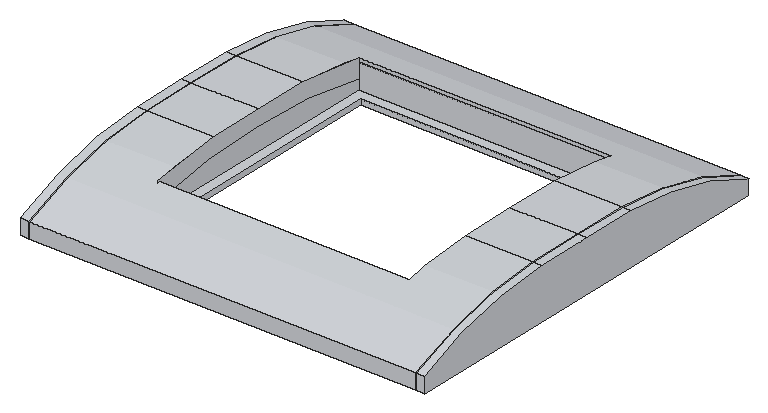
Revit family "Gira_100259", category Electrical Fixtures, host Face, Revit 2017
Family settings
  Host = Face
  Maintain Annotation Orientation = No
  Round Connector Dimension = Use Diameter
  Part Type = Normal
  Cut with Voids When Loaded = No
  Shared = No
  Room Calculation Point = No
Parameters (values of type "Abdeckrahmen 2f o.M. Zwischenr. F Alu Gira Event Opak Dklbraun")
  Werkstoffgüte = "Thermoplast"
  Werkstoff = "Kunststoff"
  URL = "http://katalog.gira.de/de_DE/datenblatt.html?artikelnr=100259"
  Transparent = "No"
  Textfeld/Beschriftungsfläche = "No"
  Schutzart (IP) = "IP20"
  Region = "DE"
  Oberfläche = "sonstige"
  Name = "Abdeckrahmen 2f o.M. Zwischenr. F Alu Gira Event Opak Dklbraun"
  Montagerichtung = "horizontal und vertikal"
  Mit Montagerahmen = "No"
  Mit Klappdeckel = "No"
  Manufacturer URL = "https://www.gira.de/"
  Keynote = "Event_Rahmen_2fach o.Mittelsteg"
  HeinzeBIM = "https://bimportal.heinze.de/bim/abdeckrahmen-2f-o-m-zwischenr-f-alu-gira-event-opak-dklbraun/44546d66b776be624a18f05c90eb4b2f47d771d8"
  Halogenfrei = "Yes"
  HAN = "100259"
  Geeignet für Unterputz-Installation = "Yes"
  Geeignet für Unterflurkanaldose = "No"
  Geeignet für Geräteeinbaukanal = "No"
  Geeignet für Einbauinstallation = "No"
  GTIN = "4010337003472"
  Farbe = "braun"
  Default Elevation = 1219.2 mm
  Data sheet (1) = "https://katalog.gira.de/de_DE/download.html?artikelnr=100259"
  Category = "Abdeckrahmen"
  Befestigungsart = "Klemmbefestigung"
  Available = "Yes"
  Anzahl der Einheiten vertikal = "2 "
  Anzahl der Einheiten horizontal = "2 "
  Anzahl der Einheiten = "2 "
Reference planes
  plane 1 "Center (Front/Back)": y = 0
  plane 2: z = 0
  plane 3 "Center (Left/Right)": x = 0
Forms (mm)
  Extrusion 1, solid, detail levels fine
    sketch origin (0, 0, 1.55) x (0, 1, 0) y (0, 0, 1)
      loop
        arc (12.445, 9.683) -> (6.223, 9.833) -> (0, 9.85) r 291.636
        arc (0, 9.85) -> (-6.223, 9.833) -> (-12.445, 9.683) r 291.636
        arc (-12.445, 9.683) -> (-29.14, 7.482) -> (-45, 1.823) r 79.728
        line (-45, 1.823) -> (-45, -1.55) -> (-41.777, -1.55) -> (-41.777, -0.55)
        arc (-41.777, -0.55) -> (-21.205, 4.846) -> (0, 6.467) r 118.15
        arc (0, 6.467) -> (21.205, 4.846) -> (41.777, -0.55) r 118.15
        line (41.777, -0.55) -> (41.777, -1.55) -> (45, -1.55) -> (45, 1.823)
        arc (45, 1.823) -> (29.14, 7.482) -> (12.445, 9.683) r 79.728
    from -43 to 43
  Extrusion 2, void, detail levels fine
    sketch origin (0, 0, 0) x (1, 0, 0) y (0, 1, 0)
      loop
        line (-28, -28) -> (28, -28) -> (28, 28) -> (-28, 28) -> (-28, -28)
    from 2.85 to 12
  Extrusion 3, solid, detail levels coarse
    sketch origin (0, 0, 0) x (1, 0, 0) y (0, 1, 0)
      loop
        line (-45, 45) -> (-45, -45) -> (45, -45) -> (45, 45) -> (-45, 45)
    from 0 to 11.4
  Extrusion 4, solid, detail levels medium
    sketch origin (0, 0, 1.55) x (0, 1, 0) y (0, 0, 1)
      loop
        arc (12.445, 9.683) -> (6.223, 9.833) -> (0, 9.85) r 291.636
        arc (0, 9.85) -> (-6.223, 9.833) -> (-12.445, 9.683) r 291.636
        arc (-12.445, 9.683) -> (-29.14, 7.482) -> (-45, 1.823) r 79.728
        line (-45, 1.823) -> (-45, -1.55) -> (45, -1.55) -> (45, 1.823)
        arc (45, 1.823) -> (29.14, 7.482) -> (12.445, 9.683) r 79.728
    from -45 to 45
  Extrusion 5, solid, detail levels fine
    sketch origin (0, 0, 0) x (0, 1, 0) y (0, 0, 1)
      loop
        arc (45, 3.373) -> (29.14, 9.032) -> (12.445, 11.233) r 79.728
        arc (12.445, 11.233) -> (6.223, 11.383) -> (0, 11.4) r 291.636
        arc (0, 11.4) -> (-6.223, 11.383) -> (-12.445, 11.233) r 291.636
        arc (-12.445, 11.233) -> (-29.14, 9.032) -> (-45, 3.373) r 79.728
        line (-45, 3.373) -> (-45, 0) -> (45, 0) -> (45, 3.373)
    from 43 to 45
  Extrusion 6, solid, detail levels fine
    sketch origin (0, 0, 0) x (0, 1, 0) y (0, 0, -1)
      loop
        line (45, -3.373) -> (45, 0) -> (-45, 0) -> (-45, -3.373)
        arc (-45, -3.373) -> (-29.14, -9.032) -> (-12.445, -11.233) r 79.728
        arc (-12.445, -11.233) -> (-6.223, -11.383) -> (0, -11.4) r 291.636
        arc (0, -11.4) -> (6.223, -11.383) -> (12.445, -11.233) r 291.636
        arc (12.445, -11.233) -> (29.14, -9.032) -> (45, -3.373) r 79.728
    from 43 to 45
  Extrusion 7, solid, detail levels fine
    sketch origin (0, 0, 0) x (1, 0, 0) y (0, 1, 0)
      loop
        line (-25.7, 25.7) -> (-25.7, -25.7) -> (25.7, -25.7) -> (25.7, 25.7) -> (-25.7, 25.7)
      loop
        line (-29.495, 27.895) -> (-29.495, -27.895)
        spline (-29.495, -27.895) -> (-29.486, -28.025) -> (-29.461, -28.154) -> (-29.419, -28.278) -> (-29.361, -28.395) -> (-29.288, -28.504) -> (-29.202, -28.602) -> (-29.104, -28.688) -> (-28.995, -28.761) -> (-28.878, -28.819) -> (-28.754, -28.861) -> (-28.625, -28.886) -> (-28.495, -28.895)
        line (-28.495, -28.895) -> (28.495, -28.895)
        spline (28.495, -28.895) -> (28.625, -28.886) -> (28.754, -28.861) -> (28.878, -28.819) -> (28.995, -28.761) -> (29.104, -28.688) -> (29.202, -28.602) -> (29.288, -28.504) -> (29.361, -28.395) -> (29.419, -28.278) -> (29.461, -28.154) -> (29.486, -28.025) -> (29.495, -27.895)
        line (29.495, -27.895) -> (29.495, 27.895)
        spline (29.495, 27.895) -> (29.486, 28.025) -> (29.461, 28.154) -> (29.419, 28.278) -> (29.361, 28.395) -> (29.288, 28.504) -> (29.202, 28.602) -> (29.104, 28.688) -> (28.995, 28.761) -> (28.878, 28.819) -> (28.754, 28.861) -> (28.625, 28.886) -> (28.495, 28.895)
        line (28.495, 28.895) -> (-28.495, 28.895)
        spline (-28.495, 28.895) -> (-28.625, 28.886) -> (-28.754, 28.861) -> (-28.878, 28.819) -> (-28.995, 28.761) -> (-29.104, 28.688) -> (-29.202, 28.602) -> (-29.288, 28.504) -> (-29.361, 28.395) -> (-29.419, 28.278) -> (-29.461, 28.154) -> (-29.486, 28.025) -> (-29.495, 27.895)
    from 1.673 to 8.5
Cuts and joins
  Extrusion 2 cuts Extrusion 1
  Extrusion 2 cuts Extrusion 7
Dimensions and locks
  aligned and locked: plane 2 to host face
  aligned and locked: level to host face
